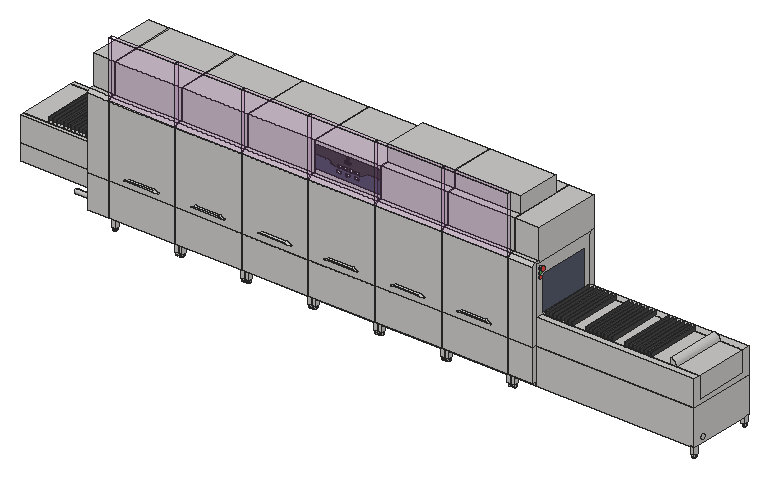
Revit family "QF_ELECTROLUXPROFESSIONAL_520754_EFTD108E1", category Attrezzature speciali, Revit 2020
Family settings
  Quota connettore circolare = Usa diametro
  Tipo di parte = Normale
  Basato su piano di lavoro = No
  Sempre verticale = Sì
  Taglio con vuoti quando caricato = No
  Condiviso = No
  Punto di calcolo locali = No
Parameters (values of type "Standard")
  Weight = 1643.00 kg
  Watts = 87700 W
  Volts = 380 V
  URL Manufacturer = "https://www.electroluxprofessional.com/"
  URL = "https://www.electroluxprofessional.com/"
  Steam Supply Size = 0 mm
  Steam Supply Minimum Pressure = 0.0 Pa
  Steam Supply Maximum Pressure = 0.0 Pa
  Steam Consumption per Hour = 0
  Show Logo [instance] = yes
  Show Clearance [instance] = yes
  Refrigeration Suction Line Size = 0 mm
  Refrigeration Liquid Line Size = 0 mm
  Refrigerant Compressor Remote = yes
  Prospetto di default = 0 mm
  Produttore = "Electrolux Professional"
  Phase = 3
  Modello = "EFTD108E1"
  Length Actual = 8100 mm  # constant formula
  Item Number = "520754"
  Hot Water Size = 0 mm
  Height Actual = 1983 mm  # constant formula
  HP = "117.6 HP"
  Gas Size = 0 mm
  Gas KW = 0
  Gas Input Pressure = 0 W
  Direct Waste Size = 50.8 mm
  Descrizione = "FT, 3TANKS, 8200D/H, EL., 1100MM LOADING, 2200MM UNLOADING, 1DRYER, 55MM CONVEYOR,ESD,L>R,380V50HZ3P"
  Depth Actual = 946 mm  # constant formula
  Cycle = 50 Hz
  Condensate Return Size = 0 mm
  Compressed Air Volume = 0.0 L/s
  Compressed Air Size = 0 mm
  Compressed Air Pressure = 0.0 Pa
  Cold Water Size = 0 mm
  Accessory = yes
Reference planes
  plane 1 "Centro (Fronte/Retro)": y = 0
  plane 2: z = 0
  plane 3 "Centro (Sinistra/Destra)": x = 0
  plane 4: z = 115
Forms (mm)
  Extrusion 1, solid, material "QF_Finishes_Stainless Steel"
    sketch origin (3182.404, 2, 1806.023) x (1, 0, 0) y (0, 0, 1)
      loop
        line (407.596, -163.023) -> (407.596, -183.023) -> (427.596, -183.023) -> (427.596, -163.023) -> (407.596, -163.023)
    from 0 to 2
  Extrusion 2, solid, material "QF_Finishes_Stainless Steel"
    sketch origin (8105.617, -1522.464, 1290.159) x (0, 0, -1) y (0, -1, 0)
      loop
        circle (1102.159, -772.464) r 25
    from -9.383 to 5.617
  Extrusion 3, solid, material "QF_Finishes_Stainless Steel"
    sketch origin (3842.404, 2, 337.984) x (1, 0, 0) y (0, 0, 1)
      loop
        line (407.596, -163.023) -> (407.596, -183.023) -> (427.596, -183.023) -> (427.596, -163.023) -> (407.596, -163.023)
    from 0 to 2
  Extrusion 4, solid, material "QF_Finishes_Stainless Steel"
    sketch origin (4347.841, 200.464, 109.383) x (1, 0, 0) y (0, 1, 0)
      loop
        circle (1102.159, -772.464) r 10
    from -9.383 to 5.617
  Extrusion 5, solid, material "QF_Finishes_Stainless Steel"
    sketch origin (594.383, 22.464, 1290.159) x (0, 0, -1) y (0, 1, 0)
      loop
        circle (1102.159, -772.464) r 25
    from -9.383 to 255.617
Dimensions and locks
  plane 4 to level = 115 mm
  aligned and locked: level to plane 2
Nested families
  nested 1: "MODULO_CENTER_800_FAN" at (5483.563, -388.258, 0), Show Clearance <- "Show Clearance", type "MODULO_CENTER_800_FAN"
    with Show Logo yes, Show Clearance yes, R_L no, L_R yes
  nested 2: "MODULO_CENTER_800" at (3883.563, -388.258, 0), Show Clearance <- "Show Clearance", type "MODULO_CENTER_800"
    with Show Logo yes, Show Clearance yes, R_L no, L_R yes
  nested 3: "MODULO_ENTRY_DISH_1100" at (708.563, -388.258, 0), type "MODULO_ENTRY_DISH_1100"
    with Show Logo yes, Show Clearance yes, R_L no, L_R yes
  nested 4: "MODULO_USCITA_DISH_2200" at (6258.563, -388.258, 0), type "MODULO_USCITA_DISH_2200"
    with Show Logo yes, Show Clearance yes, R_L yes, L_R no
  nested 5: "Piedino_Square_115H" at (8076.5, -73.5, 0) x (-1, 0, 0) z (0, 0, 1), type "Piedino_Square_115H"
  nested 6: "Piedino_Square_115H" at (8076.5, -838.5, 0) x (-1, 0, 0) z (0, 0, 1), type "Piedino_Square_115H"
  nested 7: "Piedino_Square_115H" at (5923.5, -73.5, 0) x (-1, 0, 0) z (0, 0, 1), type "Piedino_Square_115H"
  nested 8: "Piedino_Square_115H" at (5923.5, -838.5, 0) x (-1, 0, 0) z (0, 0, 1), type "Piedino_Square_115H"
  nested 9: "Piedino_Square_115H" at (4323.5, -838.5, 0), type "Piedino_Square_115H"
  nested 10: "Piedino_Square_115H" at (4323.5, -73.5, 0), type "Piedino_Square_115H"
  nested 11: "Piedino_Square_115H" at (5076.5, -838.5, 0), type "Piedino_Square_115H"
  nested 12: "Piedino_Square_115H" at (5076.5, -73.5, 0), type "Piedino_Square_115H"
  nested 13: "Piedino_Square_115H" at (5123.5, -838.5, 0) x (-1, 0, 0) z (0, 0, 1), type "Piedino_Square_115H"
  nested 14: "Piedino_Square_115H" at (5123.5, -73.5, 0) x (-1, 0, 0) z (0, 0, 1), type "Piedino_Square_115H"
  nested 15: "Piedino_Square_115H" at (5876.5, -838.5, 0) x (-1, 0, 0) z (0, 0, 1), type "Piedino_Square_115H"
  nested 16: "Piedino_Square_115H" at (5876.5, -73.5, 0) x (-1, 0, 0) z (0, 0, 1), type "Piedino_Square_115H"
  nested 17: "Piedino_Square_115H" at (3523.5, -838.5, 0), type "Piedino_Square_115H"
  nested 18: "Piedino_Square_115H" at (3523.5, -73.5, 0), type "Piedino_Square_115H"
  nested 19: "Piedino_Square_115H" at (4276.5, -838.5, 0), type "Piedino_Square_115H"
  nested 20: "Piedino_Square_115H" at (4276.5, -73.5, 0), type "Piedino_Square_115H"
  nested 21: "MANIGLIA_FLIGHT_400" at (3900, -912, 639.28) x (1, 0, 0) z (0, -1, 0), type "MANIGLIA_FLIGHT_400"
  nested 22: "MANIGLIA_FLIGHT_400" at (5500, -912, 639.28) x (1, 0, 0) z (0, -1, 0), type "MANIGLIA_FLIGHT_400"
  nested 23: "MANIGLIA_FLIGHT_400" at (4700, -912, 639.28) x (1, 0, 0) z (0, -1, 0), type "MANIGLIA_FLIGHT_400"
  nested 24: "MODULO_CENTER_800" at (3116.437, -388.258, 0) x (-1, 0, 0) z (0, 0, 1), Show Clearance <- "Show Clearance", type "MODULO_CENTER_800"
    with Show Logo yes, Show Clearance yes, R_L no, L_R yes
  nested 25: "Piedino_Square_115H" at (3476.5, -838.5, 0) x (-1, 0, 0) z (0, 0, 1), type "Piedino_Square_115H"
  nested 26: "Piedino_Square_115H" at (3476.5, -73.5, 0) x (-1, 0, 0) z (0, 0, 1), type "Piedino_Square_115H"
  nested 27: "Piedino_Square_115H" at (2723.5, -838.5, 0) x (-1, 0, 0) z (0, 0, 1), type "Piedino_Square_115H"
  nested 28: "Piedino_Square_115H" at (2723.5, -73.5, 0) x (-1, 0, 0) z (0, 0, 1), type "Piedino_Square_115H"
  nested 29: "MANIGLIA_FLIGHT_400" at (3100, -912, 639.28) x (-1, 0, 0) z (0, -1, 0), type "MANIGLIA_FLIGHT_400"
  nested 30: "MODULO_CENTER_800" at (2283.563, -388.258, 0), Show Clearance <- "Show Clearance", type "MODULO_CENTER_800"
    with Show Logo yes, Show Clearance yes, R_L no, L_R yes
  nested 31: "Piedino_Square_115H" at (1923.5, -838.5, 0), type "Piedino_Square_115H"
  nested 32: "Piedino_Square_115H" at (1923.5, -73.5, 0), type "Piedino_Square_115H"
  nested 33: "Piedino_Square_115H" at (2676.5, -838.5, 0), type "Piedino_Square_115H"
  nested 34: "Piedino_Square_115H" at (2676.5, -73.5, 0), type "Piedino_Square_115H"
  nested 35: "MANIGLIA_FLIGHT_400" at (2300, -912, 639.28) x (1, 0, 0) z (0, -1, 0), type "MANIGLIA_FLIGHT_400"
  nested 36: "MODULO_CENTER_800" at (1516.437, -388.258, 0) x (-1, 0, 0) z (0, 0, 1), Show Clearance <- "Show Clearance", type "MODULO_CENTER_800"
    with Show Logo yes, Show Clearance yes, R_L no, L_R yes
  nested 37: "Piedino_Square_115H" at (1876.5, -838.5, 0) x (-1, 0, 0) z (0, 0, 1), type "Piedino_Square_115H"
  nested 38: "Piedino_Square_115H" at (1876.5, -73.5, 0) x (-1, 0, 0) z (0, 0, 1), type "Piedino_Square_115H"
  nested 39: "Piedino_Square_115H" at (1123.5, -838.5, 0) x (-1, 0, 0) z (0, 0, 1), type "Piedino_Square_115H"
  nested 40: "Piedino_Square_115H" at (1123.5, -73.5, 0) x (-1, 0, 0) z (0, 0, 1), type "Piedino_Square_115H"
  nested 41: "MANIGLIA_FLIGHT_400" at (1500, -912, 639.28) x (-1, 0, 0) z (0, -1, 0), type "MANIGLIA_FLIGHT_400"
  nested 42: "Schermo_Flight_800" at (3900, -815, 1592.837) x (1, 0, 0) z (0, -1, 0), type "Schermo_Flight_800"
  nested 43: "ELX_LOGO_WORDS_WHITE" at (3900, -816.6, 1682.837) x (1, 0, 0) z (0, -1, 0), Show Logo <- "Show Logo", visible <- "Show Logo", type "ELX_LOGO_WORDS_WHITE"
    with Show Logo yes
  nested 44: "ELX_LOGO_MONO_SMALL_WHITE" at (3890.08, -816.6, 1668.837) x (-1, 0, 0) z (0, -1, 0), Show Logo <- "Show Logo", visible <- "Show Logo", type "ELX_LOGO_MONO_SMALL_WHITE"
    with Show Logo yes
  nested 45: "MODULO_CENTER_800_FAN" at (4716.437, -388.258, 0) x (-1, 0, 0) z (0, 0, 1), Show Clearance <- "Show Clearance", type "MODULO_CENTER_800_FAN"
    with Show Logo yes, Show Clearance yes, R_L no, L_R yes
Connectors
  electrical at (3600, 2, 1633)
    settings: on Extrusion 1, index 69, voltage 0 V, apparent load 0 VA, apparent load phase1 0 VA, apparent load phase2 0 VA, apparent load phase3 0 VA, power factor 1, load classification "Altro", number of poles 1, system type 30, power factor state 1, is connector primary yes, connector utility no, sub classification motor no, connector description "EI"
  piping at (8115, -750, 188), diameter 50
    settings: on Extrusion 2, index 70, connector inside diameter 609.6 mm, connector length 0 mm, flow factor 0, pipe flow 0.0 L/s, pressure drop 0.0 Pa, fitting loss kfactor 0, connector angle 0.00°, fixture units 0, engagement length 0 mm, angle of deflection 0.00°, flow configuration 0, flow direction 0, fitting loss method 0, system type 29, joint type 0, gender type 0, connector reference index -1, connector utility 0, adjustable connector no, is connector primary yes, connector description "D"
  electrical at (4260, 2, 164.961)
    settings: on Extrusion 3, index 71, voltage 0 V, apparent load 0 VA, apparent load phase1 0 VA, apparent load phase2 0 VA, apparent load phase3 0 VA, power factor 1, load classification "Altro", number of poles 1, system type 30, power factor state 1, is connector primary no, connector utility no, sub classification motor no, connector description "EQ"
  piping at (5450, -572, 100), diameter 19.1
    settings: on Extrusion 4, index 73, connector inside diameter 609.6 mm, connector length 0 mm, flow factor 0, pipe flow 0.0 L/s, pressure drop 0.0 Pa, fitting loss kfactor 0, connector angle 0.00°, fixture units 0, engagement length 0 mm, angle of deflection 0.00°, flow configuration 0, flow direction 0, fitting loss method 0, system type 29, joint type 0, gender type 0, connector reference index -1, connector utility 0, adjustable connector no, is connector primary no, connector description "HWI/CWI"
  piping at (585, -750, 188), diameter 50
    settings: on Extrusion 5, index 74, connector inside diameter 609.6 mm, connector length 0 mm, flow factor 0, pipe flow 0.0 L/s, pressure drop 0.0 Pa, fitting loss kfactor 0, connector angle 0.00°, fixture units 0, engagement length 0 mm, angle of deflection 0.00°, flow configuration 0, flow direction 0, fitting loss method 0, system type 29, joint type 0, gender type 0, connector reference index -1, connector utility 0, adjustable connector no, is connector primary no, connector description ""
Definition of nested family "MODULO_CENTER_800_FAN"
  Parameters (values of type "MODULO_CENTER_800_FAN")
    URL = "http://professional.electrolux.com"
    Show Logo [instance] = yes
    R_L [instance] = not(L_R)  # no
    Default Elevation = 0 mm
    Manufacturer = "Electrolux"
    Model = "ESR10E5"
    Length Actual = 800 mm
    Show Clearance [instance] = yes
    L_R [instance] = yes
    Height Actual = 1792 mm
    Description = "SINGLE RINSE RT, 100R/H, ELECTRIC 50HZ"
    Depth Actual = 912 mm
  Reference planes
    plane 1 "Center X": y = -67.742
    plane 2: z = 0
    plane 3 "LEFT": x = -383.563
    plane 4 "RIGHT": x = 416.437
    plane 5 "BACK": y = 388.258
    plane 6 "FEET": z = 115
    plane 7: z = 2092
    plane 8 "TOP": z = 1792
    plane 9 "FRONT": y = -523.742
    plane 10 "Left/Right": x = 16.437
    plane 11 "TopVent": z = 1983
  Forms (mm)
    Extrusion 1, solid
      sketch origin (416.437, 479.936, 4000) x (0, 1, 0) y (0, 0, 1)
        loop
          line (-91.678, -2208) -> (-906.678, -2208) -> (-906.678, -2580) -> (-91.678, -2580) -> (-91.678, -2208)
      from -800 to 0
    Extrusion 2, solid
      sketch origin (-383.563, 437.565, 3910) x (0, 1, 0) y (0, 0, 1)
        loop
          line (-99.307, -2490) -> (-911.307, -2490) -> (-911.307, -3552) -> (-99.307, -3552) -> (-99.307, -2490)
      from 800 to 0
    Extrusion 3, solid
      sketch origin (416.437, 479.936, 4299) x (0, 1, 0) y (0, 0, 1)
        loop
          line (-278.21, -2316) -> (-803.678, -2316) -> (-803.678, -2507) -> (-278.21, -2507) -> (-278.21, -2316)
      from -800 to 0
    Extrusion 4, solid
      sketch origin (16.437, 0, 1.5) x (0, 0, 1) y (0, -1, 0)
        loop
          line (356.5, -338.258) -> (356.5, 473.742) -> (113.5, 473.742) -> (113.5, -338.258) -> (356.5, -338.258)
      from 400 to -400
    Extrusion 5, solid
      sketch origin (16.437, 0, 0) x (0, 0, 1) y (0, -1, 0)
        loop
          line (1420, -338.258) -> (545, -338.258) -> (545, -388.258) -> (1420, -388.258) -> (1420, -338.258)
      from -400 to 400
    Extrusion 6, solid
      sketch origin (16.437, 0, 0) x (0, 0, 1) y (0, -1, 0)
        loop
          line (545, -388.258) -> (545, -338.258) -> (154, -338.258) -> (154, -388.258) -> (545, -388.258)
      from -400 to 400
    Extrusion 7, solid
      sketch origin (16.437, -882.484, -150) x (0, -1, 0) y (0, 0, 1)
        loop
          line (-358.742, 304) -> (-358.742, 695) -> (-408.742, 695) -> (-408.742, 304) -> (-358.742, 304)
      from -400 to 400
    Extrusion 8, solid
      sketch origin (16.437, -882.484, -151) x (0, -1, 0) y (0, 0, 1)
        loop
          line (-408.742, 1571) -> (-408.742, 696) -> (-358.742, 696) -> (-358.742, 1556) -> (-395.742, 1593) -> (-443.742, 1593) -> (-443.742, 1571) -> (-408.742, 1571)
      from -400 to 400
    Extrusion 9, solid, visible <- "Show Clearance"
      sketch origin (16.437, -882.484, 452) x (0, -1, 0) y (0, 0, 1)
        loop
          line (-408.742, 1640) -> (-408.742, 953.624) -> (-358.742, 953.624) -> (-358.742, 1640) -> (-408.742, 1640)
      from -400 to 400
  Dimensions and locks
    plane 3 "LEFT" to plane 4 "RIGHT" = 800 mm
    plane 5 "BACK" to plane 1 "Center X" to plane 9 "FRONT" = 456 mm, 456 mm
    plane 6 "FEET" to level = 115 mm  (x2)
    plane 6 "FEET" to plane 8 "TOP" = 1677 mm
    plane 5 "BACK" to plane 9 "FRONT" = 912 mm  (x2)
    plane 4 "RIGHT" to plane 3 "LEFT" = 800 mm
    plane 9 "FRONT" to plane 5 "BACK" = 912 mm
    level to plane 8 "TOP" = 1792 mm  (x2)
    plane 7 to level = 2092 mm
    plane 11 "TopVent" to plane 2 = 1983 mm
    plane 7 to plane 2 = 2092 mm
    Extrusion 2 to level = 1420 mm
    Extrusion 8 to level = 1442 mm
    plane 11 "TopVent" to level = 1983 mm
    aligned and locked: level to plane 2
Definition of nested family "MODULO_CENTER_800"
  Parameters (values of type "MODULO_CENTER_800")
    URL = "http://professional.electrolux.com"
    Show Logo [instance] = yes
    R_L [instance] = not(L_R)  # no
    Default Elevation = 0 mm
    Manufacturer = "Electrolux"
    Model = "ESR10E5"
    Length Actual = 800 mm
    Show Clearance [instance] = yes
    L_R [instance] = yes
    Height Actual = 1792 mm
    Description = "SINGLE RINSE RT, 100R/H, ELECTRIC 50HZ"
    Depth Actual = 912 mm
  Reference planes
    plane 1 "Center X": y = -67.742
    plane 2: z = 0
    plane 3 "LEFT": x = -383.563
    plane 4 "RIGHT": x = 416.437
    plane 5 "BACK": y = 388.258
    plane 6 "FEET": z = 115
    plane 7: z = 2092
    plane 8 "TOP": z = 1792
    plane 9 "FRONT": y = -523.742
    plane 10 "Left/Right": x = 16.437
  Forms (mm)
    Extrusion 1, solid
      sketch origin (416.437, 479.936, 4000) x (0, 1, 0) y (0, 0, 1)
        loop
          line (-91.678, -2208) -> (-906.678, -2208) -> (-906.678, -2580) -> (-91.678, -2580) -> (-91.678, -2208)
      from -800 to 0
    Extrusion 2, solid
      sketch origin (-383.563, 437.565, 3915) x (0, 1, 0) y (0, 0, 1)
        loop
          line (-99.307, -2495) -> (-911.307, -2495) -> (-911.307, -3557) -> (-99.307, -3557) -> (-99.307, -2495)
      from 800 to 0
    Extrusion 3, solid
      sketch origin (16.437, 0, 1.5) x (0, 0, 1) y (0, -1, 0)
        loop
          line (356.5, -338.258) -> (356.5, 473.742) -> (113.5, 473.742) -> (113.5, -338.258) -> (356.5, -338.258)
      from 400 to -400
    Extrusion 4, solid
      sketch origin (16.437, 0, 0) x (0, 0, 1) y (0, -1, 0)
        loop
          line (1420, -338.258) -> (545, -338.258) -> (545, -388.258) -> (1420, -388.258) -> (1420, -338.258)
      from -400 to 400
    Extrusion 5, solid
      sketch origin (16.437, 0, 0) x (0, 0, 1) y (0, -1, 0)
        loop
          line (545, -388.258) -> (545, -338.258) -> (154, -338.258) -> (154, -388.258) -> (545, -388.258)
      from -400 to 400
    Extrusion 6, solid
      sketch origin (16.437, -882.484, -150) x (0, -1, 0) y (0, 0, 1)
        loop
          line (-358.742, 304) -> (-358.742, 695) -> (-408.742, 695) -> (-408.742, 304) -> (-358.742, 304)
      from -400 to 400
    Extrusion 7, solid
      sketch origin (16.437, -882.484, -151) x (0, -1, 0) y (0, 0, 1)
        loop
          line (-408.742, 1571) -> (-408.742, 696) -> (-358.742, 696) -> (-358.742, 1556) -> (-395.742, 1593) -> (-443.742, 1593) -> (-443.742, 1571) -> (-408.742, 1571)
      from -400 to 400
    Extrusion 8, solid, visible <- "Show Clearance"
      sketch origin (16.437, -882.484, 452) x (0, -1, 0) y (0, 0, 1)
        loop
          line (-408.742, 1640) -> (-408.742, 953.624) -> (-358.742, 953.624) -> (-358.742, 1640) -> (-408.742, 1640)
      from -400 to 400
  Dimensions and locks
    plane 3 "LEFT" to plane 4 "RIGHT" = 800 mm
    plane 5 "BACK" to plane 1 "Center X" to plane 9 "FRONT" = 456 mm, 456 mm
    plane 6 "FEET" to level = 115 mm  (x2)
    plane 6 "FEET" to plane 8 "TOP" = 1677 mm
    plane 5 "BACK" to plane 9 "FRONT" = 912 mm  (x2)
    plane 4 "RIGHT" to plane 3 "LEFT" = 800 mm
    plane 9 "FRONT" to plane 5 "BACK" = 912 mm
    level to plane 8 "TOP" = 1792 mm  (x2)
    plane 7 to level = 2092 mm
    plane 7 to plane 2 = 2092 mm
    Extrusion 2 to level = 1420 mm
    Extrusion 7 to level = 1442 mm
    aligned and locked: level to plane 2
Definition of nested family "MODULO_ENTRY_DISH_1100"
  Parameters (values of type "MODULO_ENTRY_DISH_1100")
    URL = "http://professional.electrolux.com"
    Show Logo [instance] = yes
    R_L [instance] = not(L_R)  # no
    Default Elevation = 0 mm
    Manufacturer = "Electrolux"
    Model = "ESR10E5"
    Length Actual = 800 mm
    Show Clearance [instance] = yes
    L_R [instance] = yes
    Height Actual = 1792 mm
    Description = "SINGLE RINSE RT, 100R/H, ELECTRIC 50HZ"
    Depth Actual = 912 mm
  Reference planes
    plane 1 "Center (Front/Back)": y = -67.742
    plane 2: z = 0
    plane 3 "LEFT": x = -708.563
    plane 4 "RIGHT": x = 391.437
    plane 5 "BACK": y = 388.258
    plane 6 "FRONT": y = -523.742
    plane 7 "Left/Right": x = 16.437
    plane 8 "BUTTONS": y = -427.742
    plane 9: z = 115
    plane 10 "2": y = 292.258
  Forms (mm)
    Extrusion 1, solid, visible <- "L_R"
      sketch origin (391.437, 479.936, 4000) x (0, 1, 0) y (0, 0, 1)
        loop
          line (-91.678, -2208) -> (-906.678, -2208) -> (-906.678, -2580) -> (-91.678, -2580) -> (-91.678, -2208)
      from -250 to 0
    Extrusion 2, solid
      sketch origin (-358.563, 437.565, 3910) x (0, 1, 0) y (0, 0, 1)
        loop
          line (-99.307, -2490) -> (-911.307, -2490) -> (-911.307, -3552) -> (-99.307, -3552) -> (-99.307, -2490)
      from 750 to 500
    Extrusion 3, solid
      sketch origin (-358.563, 437.565, 3910) x (0, 1, 0) y (0, 0, 1)
        loop
          line (-99.307, -3365) -> (-99.307, -3060) -> (-149.307, -3060) -> (-149.307, -3315) -> (-861.307, -3315) -> (-861.307, -3060) -> (-911.307, -3060) -> (-911.307, -3365) -> (-99.307, -3365)
      from 500 to -350
    Extrusion 4, solid
      sketch origin (16.437, 0, -4.987) x (0, 0, 1) y (0, -1, 0)
        loop
          line (362.987, -338.258) -> (362.987, 473.742) -> (119.987, 473.742) -> (119.987, -338.258) -> (362.987, -338.258)
      from 375 to 125
    Extrusion 5, solid, visible <- "L_R"
      sketch origin (16.437, 0, 0) x (0, 0, 1) y (0, -1, 0)
        loop
          line (1420, -338.258) -> (545, -338.258) -> (545, -388.258) -> (1420, -388.258) -> (1420, -338.258)
      from 125 to 375
    Extrusion 6, solid
      sketch origin (16.437, 0, 0) x (0, 0, 1) y (0, -1, 0)
        loop
          line (545, -388.258) -> (545, -338.258) -> (154, -338.258) -> (154, -388.258) -> (545, -388.258)
      from 125 to 375
    Extrusion 7, solid
      sketch origin (-708.563, 437.565, 3607.258) x (0, 1, 0) y (0, 0, 1)
        loop
          line (-99.307, -3249.258) -> (-99.307, -3062.258) -> (-911.307, -3062.258) -> (-911.307, -3249.258) -> (-99.307, -3249.258)
      from 850 to 0
    Extrusion 8, solid
      sketch origin (-358.563, 437.565, 4000) x (0, 1, 0) y (0, 0, 1)
        loop
          line (-149.307, -3150) -> (-861.307, -3150) -> (-861.307, -3405) -> (-149.307, -3405) -> (-149.307, -3150)
      from -350 to 500
    Extrusion 9, solid
      sketch origin (266.437, -882.484, -150) x (0, -1, 0) y (0, 0, 1)
        loop
          line (-358.742, 304) -> (-358.742, 695) -> (-408.742, 695) -> (-408.742, 304) -> (-358.742, 304)
      from -125 to 125
    Extrusion 10, solid, visible <- "L_R"
      sketch origin (266.437, -882.484, -151) x (0, -1, 0) y (0, 0, 1)
        loop
          line (-408.742, 1571) -> (-408.742, 696) -> (-358.742, 696) -> (-358.742, 1556) -> (-395.742, 1593) -> (-443.742, 1593) -> (-443.742, 1571) -> (-408.742, 1571)
      from -125 to 125
    Extrusion 11, solid
      sketch origin (-358.563, 437.565, 4000) x (0, 1, 0) y (0, 0, 1)
        loop
          line (-199.307, -2725.701) -> (-811.307, -2725.701) -> (-811.307, -3137.701) -> (-199.307, -3137.701) -> (-199.307, -2725.701)
      from 495.458 to 500
    Extrusion 12, solid, visible <- "R_L"
      sketch origin (266.437, 747, -151) x (0, 1, 0) y (0, 0, -1)
        loop
          line (-408.742, -1571) -> (-443.742, -1571) -> (-443.742, -1593) -> (-395.742, -1593) -> (-358.742, -1556) -> (-358.742, -696) -> (-408.742, -696) -> (-408.742, -1571)
      from -125 to 125
    Extrusion 13, solid, visible <- "R_L"
      sketch origin (16.437, -135.484, 0) x (0, 0, 1) y (0, -1, 0)
        loop
          line (1420, 338.258) -> (1420, 388.258) -> (545, 388.258) -> (545, 338.258) -> (1420, 338.258)
      from 125 to 375
    Extrusion 14, solid, visible <- "R_L"
      sketch origin (391.437, -615.42, 4000) x (0, -1, 0) y (0, 0, -1)
        loop
          line (-91.678, 2208) -> (-91.678, 2580) -> (-906.678, 2580) -> (-906.678, 2208) -> (-91.678, 2208)
      from -250 to 0
    Extrusion 15, solid
      sketch origin (-191.477, -192.742, -3) x (-1, 0, 0) y (0, 0, 1)
        loop
          line (-26.676, 853) -> (-26.676, 898) -> (-36.676, 898) -> (-36.676, 853) -> (-26.676, 853)
      from -196 to 446
    Extrusion 16, solid
      sketch origin (-146.477, -192.742, -3) x (-1, 0, 0) y (0, 0, 1)
        loop
          line (-26.676, 853) -> (-26.676, 898) -> (-36.676, 898) -> (-36.676, 853) -> (-26.676, 853)
      from -196 to 446
    Extrusion 17, solid
      sketch origin (-101.477, -192.742, -3) x (-1, 0, 0) y (0, 0, 1)
        loop
          line (-26.676, 853) -> (-26.676, 898) -> (-36.676, 898) -> (-36.676, 853) -> (-26.676, 853)
      from -196 to 446
    Extrusion 18, solid
      sketch origin (-56.477, -192.742, -3) x (-1, 0, 0) y (0, 0, 1)
        loop
          line (-26.676, 853) -> (-26.676, 898) -> (-36.676, 898) -> (-36.676, 853) -> (-26.676, 853)
      from -196 to 446
    Extrusion 19, solid
      sketch origin (-11.477, -192.742, -3) x (-1, 0, 0) y (0, 0, 1)
        loop
          line (-26.676, 853) -> (-26.676, 898) -> (-36.676, 898) -> (-36.676, 853) -> (-26.676, 853)
      from -196 to 446
    Extrusion 20, solid
      sketch origin (33.523, -192.742, -3) x (-1, 0, 0) y (0, 0, 1)
        loop
          line (-26.676, 853) -> (-26.676, 898) -> (-36.676, 898) -> (-36.676, 853) -> (-26.676, 853)
      from -196 to 446
    Extrusion 21, solid
      sketch origin (-456.477, -192.742, -3) x (-1, 0, 0) y (0, 0, 1)
        loop
          line (-26.676, 853) -> (-26.676, 898) -> (-36.676, 898) -> (-36.676, 853) -> (-26.676, 853)
      from -196 to 446
    Extrusion 22, solid
      sketch origin (-411.477, -192.742, -3) x (-1, 0, 0) y (0, 0, 1)
        loop
          line (-26.676, 853) -> (-26.676, 898) -> (-36.676, 898) -> (-36.676, 853) -> (-26.676, 853)
      from -196 to 446
    Extrusion 23, solid
      sketch origin (-366.477, -192.742, -3) x (-1, 0, 0) y (0, 0, 1)
        loop
          line (-26.676, 853) -> (-26.676, 898) -> (-36.676, 898) -> (-36.676, 853) -> (-26.676, 853)
      from -196 to 446
    Extrusion 24, solid
      sketch origin (-321.477, -192.742, -3) x (-1, 0, 0) y (0, 0, 1)
        loop
          line (-26.676, 853) -> (-26.676, 898) -> (-36.676, 898) -> (-36.676, 853) -> (-26.676, 853)
      from -196 to 446
    Extrusion 25, solid
      sketch origin (-276.477, -192.742, -3) x (-1, 0, 0) y (0, 0, 1)
        loop
          line (-26.676, 853) -> (-26.676, 898) -> (-36.676, 898) -> (-36.676, 853) -> (-26.676, 853)
      from -196 to 446
    Extrusion 26, solid
      sketch origin (-231.477, -192.742, -3) x (-1, 0, 0) y (0, 0, 1)
        loop
          line (-26.676, 853) -> (-26.676, 898) -> (-36.676, 898) -> (-36.676, 853) -> (-26.676, 853)
      from -196 to 446
  Dimensions and locks
    plane 3 "LEFT" to plane 4 "RIGHT" = 1100 mm
    plane 5 "BACK" to plane 1 "Center (Front/Back)" to plane 6 "FRONT" = 456 mm, 456 mm
    plane 5 "BACK" to plane 6 "FRONT" = 912 mm  (x2)
    plane 4 "RIGHT" to plane 3 "LEFT" = 1100 mm  (x2)
    plane 6 "FRONT" to plane 5 "BACK" = 912 mm
    plane 9 to level = 115 mm
    Extrusion 1 to level = 1792 mm
    Extrusion 3 to level = 850 mm
    aligned and locked: level to plane 2
  Nested families
    nested 1: "BOTTONE_RED_STOP" at (141.437, -427.742, 1266.906) x (0, -1, 0) z (-1, 0, 0), visible <- "L_R", type "BOTTONE_RED_STOP"
    nested 2: "BOTTONE_EMERGENCY_STOP" at (141.437, -427.742, 1370) x (0, -1, 0) z (-1, 0, 0), visible <- "L_R", type "BOTTONE_EMERGENCY_STOP"
    nested 3: "BOTTONE_GREEN_START" at (141.437, -427.742, 1316.906) x (0, -1, 0) z (-1, 0, 0), visible <- "L_R", type "BOTTONE_GREEN_START"
    nested 4: "BOTTONE_RED_STOP" at (141.437, 292.258, 1267.906) x (0, 1, 0) z (-1, 0, 0), visible <- "R_L", type "BOTTONE_RED_STOP"
    nested 5: "BOTTONE_EMERGENCY_STOP" at (141.437, 292.258, 1371) x (0, 1, 0) z (-1, 0, 0), visible <- "R_L", type "BOTTONE_EMERGENCY_STOP"
    nested 6: "BOTTONE_GREEN_START" at (141.437, 292.258, 1317.906) x (0, 1, 0) z (-1, 0, 0), visible <- "R_L", type "BOTTONE_GREEN_START"
  Definition of nested family "BOTTONE_RED_STOP"
    Parameters (values of type "BOTTONE_RED_STOP")
      Default Elevation = 1219.2 mm
    Reference planes
      plane 1 "Centro (Fronte/Retro)": y = 0
      plane 2: z = 0
      plane 3 "Centro (Sinistra/Destra)": x = 0
    Forms (mm)
      Extrusion 1, solid
        sketch origin (0, 0, 0) x (1, 0, 0) y (0, 1, 0)
          loop
            line (-1219.2, 1219.2) -> (-1219.2, -1219.2) -> (1219.2, -1219.2) -> (1219.2, 1219.2) -> (-1219.2, 1219.2)
        from 0 to -304.8
      Extrusion 2, solid
        sketch origin (-367.513, 69.533, 15) x (-1, 0, 0) y (0, 1, 0)
          loop
            circle (-367.513, -69.533) r 15
        from 0 to 15
    Dimensions and locks
      aligned and locked: plane 2 to Extrusion 1
      aligned and locked: level to Extrusion 1
  Definition of nested family "BOTTONE_EMERGENCY_STOP"
    Parameters
      Default Elevation = 1219.2 mm
    Reference planes
      plane 1 "Centro (Fronte/Retro)": y = 0
      plane 2: z = 0
      plane 3 "Centro (Sinistra/Destra)": x = 0
    Forms (mm)
      Extrusion 1, solid
        sketch origin (0, 0, 0) x (1, 0, 0) y (0, 1, 0)
          loop
            line (-1219.2, 1219.2) -> (-1219.2, -1219.2) -> (1219.2, -1219.2) -> (1219.2, 1219.2) -> (-1219.2, 1219.2)
        from 0 to -304.8
      Extrusion 2, solid
        sketch origin (0, 0, 0) x (1, 0, 0) y (0, 1, 0)
          loop
            circle (0, 0) r 15
        from 0 to 20.273
      Blend 3, solid
        base sketch origin (-49.801, 0, 0) x (1, 0, 0) y (0, 1, 0)
          loop
            circle (49.801, 0) r 15
        top sketch origin (-49.801, 0, 0) x (1, 0, 0) y (0, 1, 0)
          loop
            circle (49.801, 0) r 25
        from 20.273 to 47.605
    Dimensions and locks
      aligned and locked: plane 2 to Extrusion 1
      aligned and locked: level to Extrusion 1
  Definition of nested family "BOTTONE_GREEN_START"
    Parameters (values of type "BOTTONE_GREEN_START")
      Default Elevation = 1219.2 mm
    Reference planes
      plane 1 "Centro (Fronte/Retro)": y = 0
      plane 2: z = 0
      plane 3 "Centro (Sinistra/Destra)": x = 0
    Forms (mm)
      Extrusion 1, solid
        sketch origin (0, 0, 0) x (1, 0, 0) y (0, 1, 0)
          loop
            line (-1219.2, 1219.2) -> (-1219.2, -1219.2) -> (1219.2, -1219.2) -> (1219.2, 1219.2) -> (-1219.2, 1219.2)
        from 0 to -304.8
      Extrusion 2, solid
        sketch origin (-367.513, 69.533, 15) x (-1, 0, 0) y (0, 1, 0)
          loop
            circle (-367.513, -69.533) r 15
        from 0 to 15
    Dimensions and locks
      aligned and locked: plane 2 to Extrusion 1
      aligned and locked: level to Extrusion 1
Definition of nested family "MODULO_USCITA_DISH_2200"
  Parameters (values of type "MODULO_USCITA_DISH_2200")
    URL = "http://professional.electrolux.com"
    Show Logo [instance] = yes
    R_L [instance] = not(L_R)  # yes
    Default Elevation = 0 mm
    Manufacturer = "Electrolux"
    Model = "ESR10E5"
    Length Actual = 800 mm
    Show Clearance [instance] = yes
    L_R [instance] = no
    Height Actual = 1792 mm
    Description = "SINGLE RINSE RT, 100R/H, ELECTRIC 50HZ"
    Depth Actual = 912 mm
  Reference planes
    plane 1 "Center (Front/Back)": y = -67.742
    plane 2: z = 0
    plane 3 "LEFT": x = -358.563
    plane 4 "BACK": y = 388.258
    plane 5 "FEET": z = 115
    plane 6 "TOP": z = 1792
    plane 7 "FRONT": y = -523.742
    plane 8: x = -358.563
    plane 9: y = -427.742
    plane 10 "RIGHT": x = 1841.437
  Forms (mm)
    Extrusion 1, solid, visible <- "R_L"
      sketch origin (-358.563, 479.936, 4003) x (0, 1, 0) y (0, 0, -1)
        loop
          line (-91.678, 2211) -> (-91.678, 2583) -> (-906.678, 2583) -> (-906.678, 2211) -> (-91.678, 2211)
      from -300 to 0
    Extrusion 2, solid
      sketch origin (-358.563, 437.565, 4003) x (0, 1, 0) y (0, 0, 1)
        loop
          line (-99.307, -3458) -> (-911.307, -3458) -> (-911.307, -3888) -> (-99.307, -3888) -> (-99.307, -3458)
      from 300 to 0
    Extrusion 3, solid
      sketch origin (-358.563, 479.936, 4003) x (0, 1, 0) y (0, 0, -1)
        loop
          line (-141.678, 2583) -> (-141.678, 3458) -> (-953.678, 3458) -> (-953.678, 2583) -> (-141.678, 2583)
      from -300 to 0
    Extrusion 4, solid
      sketch origin (391.437, 437.565, 3913) x (0, 1, 0) y (0, 0, -1)
        loop
          line (-99.307, 3368) -> (-911.307, 3368) -> (-911.307, 3063) -> (-826.307, 3063) -> (-826.307, 3318) -> (-184.307, 3318) -> (-184.307, 3063) -> (-99.307, 3063) -> (-99.307, 3368)
      from 450 to -1450
    Extrusion 5, solid, visible <- "R_L"
      sketch origin (16.437, 0, 3) x (0, 0, 1) y (0, 1, 0)
        loop
          line (1417, 338.258) -> (1417, 388.258) -> (542, 388.258) -> (542, 338.258) -> (1417, 338.258)
      from 75 to 375
    Extrusion 6, solid
      sketch origin (16.437, 0, 3) x (0, 0, 1) y (0, 1, 0)
        loop
          line (542, 388.258) -> (151, 388.258) -> (151, 338.258) -> (542, 338.258) -> (542, 388.258)
      from 75 to 375
    Extrusion 7, solid
      sketch origin (391.437, 437.565, 3610.258) x (0, 1, 0) y (0, 0, -1)
        loop
          line (-99.307, 3495.258) -> (-911.307, 3495.258) -> (-911.307, 3065.258) -> (-99.307, 3065.258) -> (-99.307, 3495.258)
      from 450 to -1450
    Extrusion 8, solid
      sketch origin (1241.437, 0, 3) x (0, 1, 0) y (0, 0, 1)
        loop
          line (253.258, 847) -> (-388.742, 847) -> (-388.742, 592) -> (253.258, 592) -> (253.258, 847)
      from 600 to -1300
    Extrusion 9, solid
      sketch origin (-358.563, 437.565, 3928) x (0, 1, 0) y (0, 0, 1)
        loop
          line (-811.307, -3065.701) -> (-199.307, -3065.701) -> (-199.307, -2653.701) -> (-811.307, -2653.701) -> (-811.307, -3065.701)
      from 300 to 304.77
    Extrusion 10, solid
      sketch origin (-208.563, -115, -147) x (0, 1, 0) y (0, 0, 1)
        loop
          line (-358.742, 301) -> (-358.742, 692) -> (-408.742, 692) -> (-408.742, 301) -> (-358.742, 301)
      from -150 to 150
    Extrusion 11, solid, visible <- "R_L"
      sketch origin (-208.563, -882.484, -151) x (0, -1, 0) y (0, 0, 1)
        loop
          line (-408.742, 1571) -> (-408.742, 696) -> (-358.742, 696) -> (-358.742, 1556) -> (-395.742, 1593) -> (-443.742, 1593) -> (-443.742, 1571) -> (-408.742, 1571)
      from -150 to 150
    Extrusion 12, solid
      sketch origin (-39.574, -192.742, -3) x (-1, 0, 0) y (0, 0, 1)
        loop
          line (-26.676, 853) -> (-26.676, 898) -> (-36.676, 898) -> (-36.676, 853) -> (-26.676, 853)
      from -196 to 446
    Extrusion 13, solid
      sketch origin (5.426, -192.742, -3) x (-1, 0, 0) y (0, 0, 1)
        loop
          line (-26.676, 853) -> (-26.676, 898) -> (-36.676, 898) -> (-36.676, 853) -> (-26.676, 853)
      from -196 to 446
    Extrusion 14, solid
      sketch origin (50.426, -192.742, -3) x (-1, 0, 0) y (0, 0, 1)
        loop
          line (-26.676, 853) -> (-26.676, 898) -> (-36.676, 898) -> (-36.676, 853) -> (-26.676, 853)
      from -196 to 446
    Extrusion 15, solid
      sketch origin (95.426, -192.742, -3) x (-1, 0, 0) y (0, 0, 1)
        loop
          line (-26.676, 853) -> (-26.676, 898) -> (-36.676, 898) -> (-36.676, 853) -> (-26.676, 853)
      from -196 to 446
    Extrusion 16, solid
      sketch origin (140.426, -192.742, -3) x (-1, 0, 0) y (0, 0, 1)
        loop
          line (-26.676, 853) -> (-26.676, 898) -> (-36.676, 898) -> (-36.676, 853) -> (-26.676, 853)
      from -196 to 446
    Extrusion 17, solid
      sketch origin (185.426, -192.742, -3) x (-1, 0, 0) y (0, 0, 1)
        loop
          line (-26.676, 853) -> (-26.676, 898) -> (-36.676, 898) -> (-36.676, 853) -> (-26.676, 853)
      from -196 to 446
    Extrusion 18, solid
      sketch origin (230.426, -192.742, -3) x (-1, 0, 0) y (0, 0, 1)
        loop
          line (-26.676, 853) -> (-26.676, 898) -> (-36.676, 898) -> (-36.676, 853) -> (-26.676, 853)
      from -196 to 446
    Extrusion 19, solid
      sketch origin (275.426, -192.742, -3) x (-1, 0, 0) y (0, 0, 1)
        loop
          line (-26.676, 853) -> (-26.676, 898) -> (-36.676, 898) -> (-36.676, 853) -> (-26.676, 853)
      from -196 to 446
    Revolve 20, solid
      sketch origin (1060, 0, 850) x (1, 0, 0) y (0, 1, 0)
        loop
          line (430.204, 253.258) -> (430.204, -388.742) -> (502.335, -388.742) -> (502.335, 253.258) -> (430.204, 253.258)
        axis (430.204, 253.258) -> (430.204, -388.742)
      angle from 0 to -90
    Extrusion 21, solid, visible <- "L_R"
      sketch origin (-208.563, 747, -151) x (0, 1, 0) y (0, 0, -1)
        loop
          line (-408.742, -1571) -> (-443.742, -1571) -> (-443.742, -1593) -> (-395.742, -1593) -> (-358.742, -1556) -> (-358.742, -696) -> (-408.742, -696) -> (-408.742, -1571)
      from -150 to 150
    Extrusion 22, solid, visible <- "L_R"
      sketch origin (16.437, -135.484, 3) x (0, 0, 1) y (0, 1, 0)
        loop
          line (1417, -338.258) -> (542, -338.258) -> (542, -388.258) -> (1417, -388.258) -> (1417, -338.258)
      from 75 to 375
    Extrusion 23, solid, visible <- "L_R"
      sketch origin (-358.563, -615.42, 4003) x (0, -1, 0) y (0, 0, 1)
        loop
          line (-91.678, -2211) -> (-906.678, -2211) -> (-906.678, -2583) -> (-91.678, -2583) -> (-91.678, -2211)
      from -300 to 0
    Extrusion 24, solid
      sketch origin (440.426, -192.742, -3) x (-1, 0, 0) y (0, 0, 1)
        loop
          line (-26.676, 853) -> (-26.676, 898) -> (-36.676, 898) -> (-36.676, 853) -> (-26.676, 853)
      from -196 to 446
    Extrusion 25, solid
      sketch origin (485.426, -192.742, -3) x (-1, 0, 0) y (0, 0, 1)
        loop
          line (-26.676, 853) -> (-26.676, 898) -> (-36.676, 898) -> (-36.676, 853) -> (-26.676, 853)
      from -196 to 446
    Extrusion 26, solid
      sketch origin (530.426, -192.742, -3) x (-1, 0, 0) y (0, 0, 1)
        loop
          line (-26.676, 853) -> (-26.676, 898) -> (-36.676, 898) -> (-36.676, 853) -> (-26.676, 853)
      from -196 to 446
    Extrusion 27, solid
      sketch origin (575.426, -192.742, -3) x (-1, 0, 0) y (0, 0, 1)
        loop
          line (-26.676, 853) -> (-26.676, 898) -> (-36.676, 898) -> (-36.676, 853) -> (-26.676, 853)
      from -196 to 446
    Extrusion 28, solid
      sketch origin (620.426, -192.742, -3) x (-1, 0, 0) y (0, 0, 1)
        loop
          line (-26.676, 853) -> (-26.676, 898) -> (-36.676, 898) -> (-36.676, 853) -> (-26.676, 853)
      from -196 to 446
    Extrusion 29, solid
      sketch origin (665.426, -192.742, -3) x (-1, 0, 0) y (0, 0, 1)
        loop
          line (-26.676, 853) -> (-26.676, 898) -> (-36.676, 898) -> (-36.676, 853) -> (-26.676, 853)
      from -196 to 446
    Extrusion 30, solid
      sketch origin (710.426, -192.742, -3) x (-1, 0, 0) y (0, 0, 1)
        loop
          line (-26.676, 853) -> (-26.676, 898) -> (-36.676, 898) -> (-36.676, 853) -> (-26.676, 853)
      from -196 to 446
    Extrusion 31, solid
      sketch origin (755.426, -192.742, -3) x (-1, 0, 0) y (0, 0, 1)
        loop
          line (-26.676, 853) -> (-26.676, 898) -> (-36.676, 898) -> (-36.676, 853) -> (-26.676, 853)
      from -196 to 446
    Extrusion 32, solid
      sketch origin (915.426, -192.742, -3) x (-1, 0, 0) y (0, 0, 1)
        loop
          line (-26.676, 853) -> (-26.676, 898) -> (-36.676, 898) -> (-36.676, 853) -> (-26.676, 853)
      from -196 to 446
    Extrusion 33, solid
      sketch origin (960.426, -192.742, -3) x (-1, 0, 0) y (0, 0, 1)
        loop
          line (-26.676, 853) -> (-26.676, 898) -> (-36.676, 898) -> (-36.676, 853) -> (-26.676, 853)
      from -196 to 446
    Extrusion 34, solid
      sketch origin (1005.426, -192.742, -3) x (-1, 0, 0) y (0, 0, 1)
        loop
          line (-26.676, 853) -> (-26.676, 898) -> (-36.676, 898) -> (-36.676, 853) -> (-26.676, 853)
      from -196 to 446
    Extrusion 35, solid
      sketch origin (1050.426, -192.742, -3) x (-1, 0, 0) y (0, 0, 1)
        loop
          line (-26.676, 853) -> (-26.676, 898) -> (-36.676, 898) -> (-36.676, 853) -> (-26.676, 853)
      from -196 to 446
    Extrusion 36, solid
      sketch origin (1095.426, -192.742, -3) x (-1, 0, 0) y (0, 0, 1)
        loop
          line (-26.676, 853) -> (-26.676, 898) -> (-36.676, 898) -> (-36.676, 853) -> (-26.676, 853)
      from -196 to 446
    Extrusion 37, solid
      sketch origin (1140.426, -192.742, -3) x (-1, 0, 0) y (0, 0, 1)
        loop
          line (-26.676, 853) -> (-26.676, 898) -> (-36.676, 898) -> (-36.676, 853) -> (-26.676, 853)
      from -196 to 446
    Extrusion 38, solid
      sketch origin (1185.426, -192.742, -3) x (-1, 0, 0) y (0, 0, 1)
        loop
          line (-26.676, 853) -> (-26.676, 898) -> (-36.676, 898) -> (-36.676, 853) -> (-26.676, 853)
      from -196 to 446
    Extrusion 39, solid
      sketch origin (1230.426, -192.742, -3) x (-1, 0, 0) y (0, 0, 1)
        loop
          line (-26.676, 853) -> (-26.676, 898) -> (-36.676, 898) -> (-36.676, 853) -> (-26.676, 853)
      from -196 to 446
  Dimensions and locks
    plane 4 "BACK" to plane 1 "Center (Front/Back)" to plane 7 "FRONT" = 456 mm, 456 mm
    plane 5 "FEET" to level = 115 mm  (x2)
    plane 4 "BACK" to plane 7 "FRONT" = 912 mm  (x2)
    plane 7 "FRONT" to plane 4 "BACK" = 912 mm
    level to plane 6 "TOP" = 1792 mm
    plane 3 "LEFT" to plane 10 "RIGHT" = 2200 mm
    plane 8 to plane 10 "RIGHT" = 2200 mm
    plane 6 "TOP" to level = 1792 mm
    aligned and locked: level to plane 2
  Nested families
    nested 1: "BOTTONE_EMERGENCY_STOP" at (-58.563, -427.742, 1369) x (0, -1, 0) z (1, 0, 0), visible <- "R_L", type "BOTTONE_EMERGENCY_STOP"
    nested 2: "BOTTONE_GREEN_START" at (-58.563, -427.742, 1315.906) x (0, -1, 0) z (1, 0, 0), visible <- "R_L", type "BOTTONE_GREEN_START"
    nested 3: "BOTTONE_RED_STOP" at (-58.563, -427.742, 1265.906) x (0, -1, 0) z (1, 0, 0), visible <- "R_L", type "BOTTONE_RED_STOP"
    nested 4: "BOTTONE_EMERGENCY_STOP" at (-58.563, 292.258, 1369) x (0, 1, 0) z (1, 0, 0), visible <- "L_R", type "BOTTONE_EMERGENCY_STOP"
    nested 5: "BOTTONE_GREEN_START" at (-58.563, 292.258, 1315.906) x (0, 1, 0) z (1, 0, 0), visible <- "L_R", type "BOTTONE_GREEN_START"
    nested 6: "BOTTONE_RED_STOP" at (-58.563, 292.258, 1265.906) x (0, 1, 0) z (1, 0, 0), visible <- "L_R", type "BOTTONE_RED_STOP"
  Definition of nested family "BOTTONE_EMERGENCY_STOP"
    Parameters
      Default Elevation = 1219.2 mm
    Reference planes
      plane 1 "Centro (Fronte/Retro)": y = 0
      plane 2: z = 0
      plane 3 "Centro (Sinistra/Destra)": x = 0
    Forms (mm)
      Extrusion 1, solid
        sketch origin (0, 0, 0) x (1, 0, 0) y (0, 1, 0)
          loop
            line (-1219.2, 1219.2) -> (-1219.2, -1219.2) -> (1219.2, -1219.2) -> (1219.2, 1219.2) -> (-1219.2, 1219.2)
        from 0 to -304.8
      Extrusion 2, solid
        sketch origin (0, 0, 0) x (1, 0, 0) y (0, 1, 0)
          loop
            circle (0, 0) r 15
        from 0 to 20.273
      Blend 3, solid
        base sketch origin (-49.801, 0, 0) x (1, 0, 0) y (0, 1, 0)
          loop
            circle (49.801, 0) r 15
        top sketch origin (-49.801, 0, 0) x (1, 0, 0) y (0, 1, 0)
          loop
            circle (49.801, 0) r 25
        from 20.273 to 47.605
    Dimensions and locks
      aligned and locked: plane 2 to Extrusion 1
      aligned and locked: level to Extrusion 1
  Definition of nested family "BOTTONE_GREEN_START"
    Parameters (values of type "BOTTONE_GREEN_START")
      Default Elevation = 1219.2 mm
    Reference planes
      plane 1 "Centro (Fronte/Retro)": y = 0
      plane 2: z = 0
      plane 3 "Centro (Sinistra/Destra)": x = 0
    Forms (mm)
      Extrusion 1, solid
        sketch origin (0, 0, 0) x (1, 0, 0) y (0, 1, 0)
          loop
            line (-1219.2, 1219.2) -> (-1219.2, -1219.2) -> (1219.2, -1219.2) -> (1219.2, 1219.2) -> (-1219.2, 1219.2)
        from 0 to -304.8
      Extrusion 2, solid
        sketch origin (-367.513, 69.533, 15) x (-1, 0, 0) y (0, 1, 0)
          loop
            circle (-367.513, -69.533) r 15
        from 0 to 15
    Dimensions and locks
      aligned and locked: plane 2 to Extrusion 1
      aligned and locked: level to Extrusion 1
  Definition of nested family "BOTTONE_RED_STOP"
    Parameters (values of type "BOTTONE_RED_STOP")
      Default Elevation = 1219.2 mm
    Reference planes
      plane 1 "Centro (Fronte/Retro)": y = 0
      plane 2: z = 0
      plane 3 "Centro (Sinistra/Destra)": x = 0
    Forms (mm)
      Extrusion 1, solid
        sketch origin (0, 0, 0) x (1, 0, 0) y (0, 1, 0)
          loop
            line (-1219.2, 1219.2) -> (-1219.2, -1219.2) -> (1219.2, -1219.2) -> (1219.2, 1219.2) -> (-1219.2, 1219.2)
        from 0 to -304.8
      Extrusion 2, solid
        sketch origin (-367.513, 69.533, 15) x (-1, 0, 0) y (0, 1, 0)
          loop
            circle (-367.513, -69.533) r 15
        from 0 to 15
    Dimensions and locks
      aligned and locked: plane 2 to Extrusion 1
      aligned and locked: level to Extrusion 1
Definition of nested family "Piedino_Square_115H"
  Parameters (values of type "Piedino_Square_115H")
    Default Elevation = 0 mm
  Reference planes
    plane 1 "Centro (Fronte/Retro)": y = 0
    plane 2: z = 0
    plane 3 "Centro (Sinistra/Destra)": x = 0
    plane 4: z = 115
  Forms (mm)
    Extrusion 1, solid
      sketch origin (0, 0, 0) x (1, 0, 0) y (0, 1, 0)
        loop
          circle (0, 0) r 23
      from 0 to 5
    Extrusion 2, solid
      sketch origin (0, 0, 5) x (1, 0, 0) y (0, 1, 0)
        loop
          circle (0, 0) r 20
      from 0 to 25.777
    Extrusion 3, solid
      sketch origin (0, 0, 30.777) x (1, 0, 0) y (0, 1, 0)
        loop
          line (-23.5, 23.5) -> (-23.5, -23.5) -> (23.5, -23.5) -> (23.5, 23.5) -> (-23.5, 23.5)
      from 0 to 84.223
  Dimensions and locks
    plane 4 to level = 115 mm  (x2)
    radius of Extrusion 1 sketch curve = 23 mm
    aligned and locked: level to plane 2
    aligned and locked: Extrusion 1 to level
Definition of nested family "MANIGLIA_FLIGHT_400"
  Parameters
    Default Elevation = 1219.2 mm
  Reference planes
    plane 1 "Centro (Fronte/Retro)": y = 0
    plane 2: z = 0
    plane 3 "Centro (Sinistra/Destra)": x = 0
  Forms (mm)
    Extrusion 1, solid
      sketch origin (0, 0, 0) x (1, 0, 0) y (0, 1, 0)
        loop
          line (-1219.2, 1219.2) -> (-1219.2, -1219.2) -> (1219.2, -1219.2) -> (1219.2, 1219.2) -> (-1219.2, 1219.2)
      from 0 to -304.8
    Extrusion 2, solid
      sketch origin (-503, 656.113, -50) x (-1, 0, 0) y (0, 1, 0)
        loop
          line (-651.038, -638.613) -> (-703, -668.613) -> (-703, -673.613) -> (-658.503, -673.613) -> (-623.862, -653.613) -> (-382.138, -653.613) -> (-347.497, -673.613) -> (-303, -673.613) -> (-303, -668.613) -> (-354.962, -638.613) -> (-651.038, -638.613)
      from -86.258 to -50
    Extrusion 3, void
      sketch origin (0, -681.887, 358.742) x (0, 0, 1) y (0, 1, 0)
        loop
          line (-322.484, 684.387) -> (-353.281, 664.387) -> (-322.484, 664.387) -> (-322.484, 684.387)
      from -200 to 200
  Cuts and joins
    Extrusion 3 cuts Extrusion 2
  Dimensions and locks
    cut or joined group of Extrusion 2, Extrusion 3 to cut or joined group of Extrusion 2, Extrusion 3 = 400 mm
    cut or joined group of Extrusion 2, Extrusion 3 to cut or joined group of Extrusion 2, Extrusion 3 = 35 mm
    aligned and locked: plane 2 to Extrusion 1
    aligned and locked: level to Extrusion 1
Definition of nested family "Schermo_Flight_800"
  Parameters (values of type "Schermo_Flight_800")
    Default Elevation = 1219.2 mm
  Reference planes
    plane 1 "Center (Front/Back)": y = 0
    plane 2: z = 0
    plane 3 "Center (Left/Right)": x = 0
  Forms (mm)
    Extrusion 1, solid
      sketch origin (0, 0, 0) x (1, 0, 0) y (0, 1, 0)
        loop
          line (-1219.2, 1219.2) -> (-1219.2, -1219.2) -> (1219.2, -1219.2) -> (1219.2, 1219.2) -> (-1219.2, 1219.2)
      from 0 to -304.8
    Extrusion 2, solid
      sketch origin (0, -25, 0) x (1, 0, 0) y (0, 1, 0)
        loop
          line (-400, -82.94) -> (400, -82.94) -> (400, 70.507) -> (238.561, 70.507) -> (167.154, 20.507) -> (-167.154, 20.507) -> (-238.561, 70.507) -> (-400, 70.507) -> (-400, -82.94)
        loop
          line (-126.915, -7.668) -> (-126.915, -27.668) -> (-81.915, -27.668) -> (-81.915, -7.668) -> (-126.915, -7.668)
        loop
          line (-22.5, -7.668) -> (-22.5, -27.668) -> (22.5, -27.668) -> (22.5, -7.668) -> (-22.5, -7.668)
        loop
          line (126.915, -7.668) -> (81.915, -7.668) -> (81.915, -27.668) -> (126.915, -27.668) -> (126.915, -7.668)
      from 0 to 1.6
    Extrusion 3, solid
      sketch origin (0, -25, 0) x (1, 0, 0) y (0, 1, 0)
        loop
          line (-400, 177.06) -> (-400, 70.507) -> (-238.561, 70.507) -> (-167.154, 20.507) -> (167.154, 20.507) -> (238.561, 70.507) -> (400, 70.507) -> (400, 177.06) -> (-400, 177.06)
        loop
          line (-117.417, 56.68) -> (-117.417, 31.68) -> (-77.417, 31.68) -> (-77.417, 56.68) -> (-117.417, 56.68)
        loop
          line (-47.417, 56.68) -> (-47.417, 31.68) -> (-7.417, 31.68) -> (-7.417, 56.68) -> (-47.417, 56.68)
        loop
          line (27.583, 56.68) -> (27.583, 31.68) -> (67.583, 31.68) -> (67.583, 56.68) -> (27.583, 56.68)
        loop
          line (97.583, 56.68) -> (97.583, 31.68) -> (137.583, 31.68) -> (137.583, 56.68) -> (97.583, 56.68)
      from 0 to 1.6
    Extrusion 4, solid
      sketch origin (0, 0, 0) x (1, 0, 0) y (0, 1, 0)
        loop
          line (-117.417, 31.68) -> (-117.417, 6.68) -> (-77.417, 6.68) -> (-77.417, 31.68) -> (-117.417, 31.68)
        loop
          line (-47.417, 31.68) -> (-47.417, 6.68) -> (-7.417, 6.68) -> (-7.417, 31.68) -> (-47.417, 31.68)
        loop
          line (27.583, 31.68) -> (27.583, 6.68) -> (67.583, 6.68) -> (67.583, 31.68) -> (27.583, 31.68)
        loop
          line (97.583, 31.68) -> (97.583, 6.68) -> (137.583, 6.68) -> (137.583, 31.68) -> (97.583, 31.68)
        loop
          line (-126.915, -32.668) -> (-126.915, -52.668) -> (-81.915, -52.668) -> (-81.915, -32.668) -> (-126.915, -32.668)
        loop
          line (-22.5, -32.668) -> (-22.5, -52.668) -> (22.5, -52.668) -> (22.5, -32.668) -> (-22.5, -32.668)
        loop
          line (81.915, -32.668) -> (81.915, -52.668) -> (126.915, -52.668) -> (126.915, -32.668) -> (81.915, -32.668)
      from 0 to 1.6
  Dimensions and locks
    Extrusion 3 to Extrusion 3 = 800 mm
    Extrusion 2 to Extrusion 3 = 260 mm
    aligned and locked: plane 2 to Extrusion 1
    aligned and locked: level to Extrusion 1
Definition of nested family "ELX_LOGO_WORDS_WHITE"
  Parameters (values of type "ELX_LOGO_WORDS_WHITE")
    Show Logo [instance] = yes
    Default Elevation = 0 mm
  Reference planes
    plane 1 "Centro (Fronte/Retro)": y = 0
    plane 2: z = 0
    plane 3 "Centro (Sinistra/Destra)": x = 0
  Forms (mm)
    Extrusion 1, solid
      sketch origin (0, 0, 0) x (1, 0, 0) y (0, 1, 0)
        loop
          line (-1219.2, 1219.2) -> (-1219.2, -1219.2) -> (1219.2, -1219.2) -> (1219.2, 1219.2) -> (-1219.2, 1219.2)
      from 0 to -304.8
    Extrusion 2, solid, visible <- "Show Logo"
      sketch origin (0, 0, 0) x (1, 0, 0) y (0, 1, 0)
        loop
          line (-30.234, 10.561) -> (-37.67, 10.561) -> (-37.67, 1.902)
          arc (-37.67, 1.902) -> (-36.691, -0.461) -> (-34.329, -1.439) r 3.341
          line (-34.329, -1.439) -> (-30.09, -1.439) -> (-30.09, 0.503) -> (-33.845, 0.503)
          arc (-33.845, 0.503) -> (-35.079, 0.92) -> (-35.604, 2.112) r 1.615
          line (-35.604, 2.112) -> (-35.604, 3.829) -> (-30.555, 3.829) -> (-30.555, 5.779) -> (-35.604, 5.779) -> (-35.604, 8.617) -> (-30.234, 8.617) -> (-30.234, 10.561)
        loop
          line (-28.622, 10.561) -> (-28.622, -1.439) -> (-26.555, -1.439) -> (-26.555, 10.561) -> (-28.622, 10.561)
        loop
          line (16.27, 10.561) -> (16.27, -1.439) -> (18.338, -1.439) -> (18.338, 10.561) -> (16.27, 10.561)
        loop
          line (-23.137, 2.393) -> (-16.354, 2.393)
          arc (-16.354, 2.393) -> (-17.415, 6.119) -> (-21.043, 7.478) r 4.298
          arc (-21.043, 7.478) -> (-24.239, 5.857) -> (-25.151, 2.393) r 4.373
          arc (-25.151, 2.393) -> (-23.951, -0.505) -> (-21.053, -1.705) r 4.097
          arc (-21.053, -1.705) -> (-18.799, -1.372) -> (-16.908, -0.099) r 5.15
          line (-16.908, -0.099) -> (-18.133, 1.125)
          arc (-18.133, 1.125) -> (-19.74, 0.161) -> (-21.607, 0.323) r 3.039
          arc (-21.607, 0.323) -> (-22.746, 1.081) -> (-23.137, 2.393) r 2.013
        loop
          line (-23.085, 3.846) -> (-18.431, 3.846)
          arc (-18.431, 3.846) -> (-19.084, 5.22) -> (-20.519, 5.727) r 1.983
          arc (-20.519, 5.727) -> (-22.175, 5.295) -> (-23.085, 3.846) r 2.321
        loop
          line (-8.297, 4.711) -> (-6.999, 6.009)
          arc (-6.999, 6.009) -> (-8.627, 7.187) -> (-10.604, 7.539) r 4.497
          arc (-10.604, 7.539) -> (-13.621, 6.437) -> (-15.204, 3.642) r 4.652
          arc (-15.204, 3.642) -> (-12.536, -1.257) -> (-7.072, -0.127) r 4.684
          line (-7.072, -0.127) -> (-8.363, 1.163)
          arc (-8.363, 1.163) -> (-11.149, 0.242) -> (-13.145, 2.393) r 2.714
          arc (-13.145, 2.393) -> (-13.006, 4.094) -> (-11.835, 5.335) r 2.578
          arc (-11.835, 5.335) -> (-9.96, 5.621) -> (-8.297, 4.711) r 2.961
        loop
          line (-5.73, 10.561) -> (-5.73, 2.36)
          arc (-5.73, 2.36) -> (-5.551, 1.13) -> (-5.09, -0.025) r 5.301
          arc (-5.09, -0.025) -> (-3.615, -1.198) -> (-1.746, -1.445) r 3.531
          line (-1.746, -1.445) -> (-1.746, 0.492)
          arc (-1.746, 0.492) -> (-2.302, 0.534) -> (-2.82, 0.74) r 1.862
          arc (-2.82, 0.74) -> (-3.484, 1.442) -> (-3.662, 2.393) r 1.713
          line (-3.662, 2.393) -> (-3.662, 5.362) -> (-1.785, 5.362) -> (-1.785, 7.24) -> (-3.662, 7.24) -> (-3.662, 10.561) -> (-5.73, 10.561)
        loop
          arc (2.004, 3.123) -> (2.152, 3.988) -> (2.578, 4.755) r 2.607
          arc (2.578, 4.755) -> (3.817, 5.391) -> (5.208, 5.362) r 2.84
          line (5.208, 5.362) -> (5.208, 7.349)
          arc (5.208, 7.349) -> (3.39, 7.177) -> (2.004, 5.989) r 3.016
          line (2.004, 5.989) -> (2.004, 7.24) -> (-0.046, 7.24) -> (-0.046, -1.439) -> (2.004, -1.439) -> (2.004, 3.123)
        loop
          circle (10.262, 2.899) r 4.599
        loop
          circle (10.262, 2.899) r 2.787
        loop
          arc (25.793, 2.175) -> (25.283, 0.772) -> (23.898, 0.213) r 1.835
          arc (23.898, 0.213) -> (22.514, 0.772) -> (22.004, 2.175) r 1.835
          line (22.004, 2.175) -> (22.004, 7.24) -> (19.919, 7.24) -> (19.919, 2.003)
          arc (19.919, 2.003) -> (21.105, -0.701) -> (23.898, -1.659) r 3.675
          arc (23.898, -1.659) -> (26.723, -0.672) -> (27.877, 2.088) r 3.675
          line (27.877, 2.088) -> (27.877, 7.24) -> (25.793, 7.24) -> (25.793, 2.175)
        loop
          line (29.126, 7.24) -> (32.128, 3.164) -> (28.83, -1.442) -> (31.052, -1.442) -> (33.241, 1.615) -> (35.462, -1.442) -> (37.67, -1.442) -> (34.419, 3.211) -> (37.392, 7.24) -> (35.135, 7.24) -> (33.234, 4.663) -> (31.362, 7.24) -> (29.126, 7.24)
        loop
          line (-35.875, -6.414) -> (-37.523, -6.414) -> (-37.523, -10.564) -> (-36.621, -10.564) -> (-36.621, -9.135) -> (-35.625, -9.135)
          arc (-35.625, -9.135) -> (-34.509, -7.66) -> (-35.875, -6.414) r 1.372
        loop
          arc (-35.664, -8.32) -> (-35.322, -7.786) -> (-35.664, -7.253) r 0.587
          line (-35.664, -7.253) -> (-36.621, -7.253) -> (-36.621, -8.32) -> (-35.664, -8.32)
        loop
          line (-29.363, -6.414) -> (-31.04, -6.414) -> (-31.04, -10.564) -> (-30.138, -10.564) -> (-30.138, -9.135) -> (-29.265, -9.135) -> (-28.669, -10.564) -> (-27.7, -10.564) -> (-28.516, -8.814)
          arc (-28.516, -8.814) -> (-28.125, -8.347) -> (-27.994, -7.752) r 1.281
          arc (-27.994, -7.752) -> (-28.406, -6.804) -> (-29.363, -6.414) r 1.37
        loop
          line (-30.138, -7.253) -> (-30.138, -8.32) -> (-29.18, -8.32)
          arc (-29.18, -8.32) -> (-28.839, -7.786) -> (-29.18, -7.253) r 0.587
          line (-29.18, -7.253) -> (-30.138, -7.253)
        loop
          circle (-22.402, -8.489) r 2.156
        loop
          circle (-22.402, -8.489) r 1.368
        loop
          line (-16.703, -6.414) -> (-16.703, -10.564) -> (-15.823, -10.564) -> (-15.823, -9.114) -> (-14.261, -9.114) -> (-14.261, -8.184) -> (-15.823, -8.184) -> (-15.823, -7.308) -> (-14.111, -7.308) -> (-14.111, -6.414) -> (-16.703, -6.414)
        loop
          line (-10.611, -6.414) -> (-10.611, -9.216)
          arc (-10.611, -9.216) -> (-10.229, -10.166) -> (-9.284, -10.561) r 1.327
          line (-9.284, -10.561) -> (-7.945, -10.561) -> (-7.945, -9.777) -> (-9.204, -9.777)
          arc (-9.204, -9.777) -> (-9.668, -9.394) -> (-9.759, -8.799) r 0.845
          line (-9.759, -8.799) -> (-8.1, -8.799) -> (-8.1, -8.015) -> (-9.759, -8.015) -> (-9.759, -7.198) -> (-7.985, -7.198) -> (-7.985, -6.414) -> (-10.611, -6.414)
        loop
          arc (4.417, -6.94) -> (3.867, -6.489) -> (3.171, -6.345) r 1.485
          arc (3.171, -6.345) -> (2.528, -6.503) -> (2, -6.902) r 1.645
          arc (2, -6.902) -> (1.902, -7.844) -> (2.51, -8.571) r 1.217
          arc (2.51, -8.571) -> (3.021, -8.741) -> (3.506, -8.976) r 4.201
          arc (3.506, -8.976) -> (3.812, -9.337) -> (3.601, -9.761) r 0.43
          arc (3.601, -9.761) -> (3.209, -9.853) -> (2.819, -9.754) r 0.846
          arc (2.819, -9.754) -> (2.482, -9.511) -> (2.275, -9.15) r 0.983
          line (2.275, -9.15) -> (1.549, -9.489)
          arc (1.549, -9.489) -> (1.811, -9.993) -> (2.232, -10.374) r 1.595
          arc (2.232, -10.374) -> (2.71, -10.578) -> (3.227, -10.63) r 1.719
          arc (3.227, -10.63) -> (3.867, -10.503) -> (4.442, -10.197) r 2.246
          arc (4.442, -10.197) -> (4.697, -9.52) -> (4.566, -8.81) r 1.349
          arc (4.566, -8.81) -> (4.282, -8.482) -> (3.919, -8.245) r 1.564
          arc (3.919, -8.245) -> (3.46, -8.04) -> (2.99, -7.864) r 8.236
